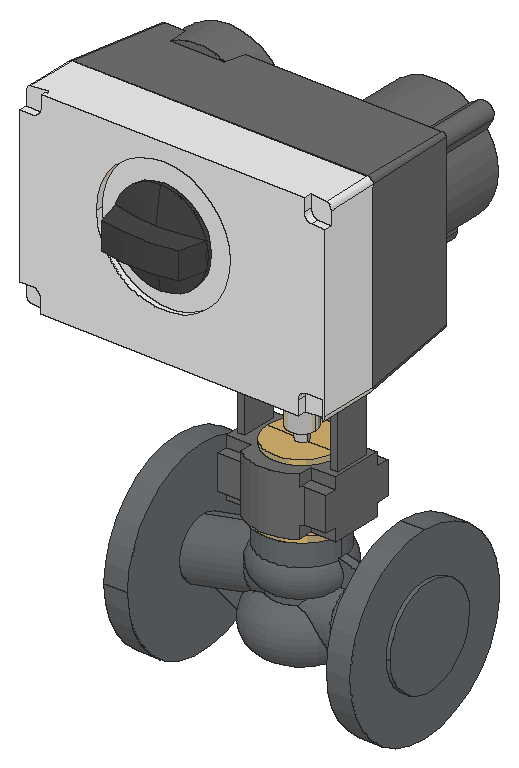
Revit family "VF2_DN15-DN100_AMV(E) 438 SU_RFA_1", category Pipe Accessories, Revit 2019
Family settings
  Round Connector Dimension = Use Diameter
  Part Type = Valve - Breaks Into
  OmniClass Number = 23.65.55.14.17
  OmniClass Title = Adjusting/Controlling Valves for Liquid Services
  Work Plane-Based = No
  Always vertical = Yes
  Cut with Voids When Loaded = No
  Shared = No
Parameters (values of type "VF2_DN15_Kv0.63_065Z0271")
  W = if(DN > 32 mm, D_Flange, 137.6 mm)  # 137.6 mm
  Voltage = if(Actuator Type = [082H0123], 230 V, 24 V)  # 24 V
  Power = if(Actuator Type = [082H0121], 14 VA, 12 VA)  # 14 VA
  Nominal Pressure = "PN 16"  # constant formula
  LE1_100 = 20 mm
  LE_100 = 10 mm
  L = L2 * 2  # 130 mm
  H2 = if(DN < 100 mm, D_Flange / 2, 197 mm)  # 47.5 mm
  H [instance] = 263 mm
  EXT200 = 38 mm
  DN15 to DN50 = if(and(DN > 10 mm, DN < 65 mm), 1 = 1, 1 = 0)  # yes
  D1 = DN * 2  # 30 mm
  L_Top = 3 mm
  V_SMALL LOD 200 = if(and(LOD 200, DN < 100 mm), 1 = 1, 1 = 0)  # no
  V2 = if(DN > 50 mm, 1 = 1, 1 = 0)  # no
  RB2 = 1 mm
  RB = 1 mm
  L_EXT = 80 mm
  L_100 = 25 mm
  HS_100 = 0 mm
  H_Revolve Bottom = 27 mm
  ang2D [instance] = 0.00°
  Weight = 1.93 kg
  W2 = 16 mm
  W1 = 17 mm
  Valve Body Material = Danfoss Grey Iron
  V_SMALL = if(and(LOD 350, DN < 100 mm), 1 = 1, 1 = 0)  # yes
  V_DN100 = if(and(LOD 350, DN > 80 mm), 1 = 1, 1 = 0)  # no
  Use Minimum Symbol Size [instance] = no
  URL = "https://store.danfoss.com/en/Climate-Solutions-for-heating/Motorised-Control-Valves-/Globe-Valves/Valves-for-Heating-and-Cooling/c/4105?q=%3Arelevance%3Adanfoss_a50461501115_fts%3ATA1_1501116%3Adanfoss_a1015338478.nominal%3A15.0%3Adanfoss_a1015338478.nominal%3A20.0%3Adanfoss_a1015338478.nominal%3A25.0%3Adanfoss_a1015338478.nominal%3A32.0%3Adanfoss_a1015338478.nominal%3A40.0%3Adanfoss_a1015338478.nominal%3A65.0%3Adanfoss_a1015338478.nominal%3A80.0%3Adanfoss_a1015338478.nominal%3A100.0%3Adanfoss_producttypehierarchydesc%3A5400cdf7baa9ad208c624ef817a9da6cf34051a9&page=0&pageSize=20"
  Stroke = "10 mm"
  R_Arc = 30 mm
  R_Top = 12.5 mm
  R_Flow Pipe = 15 mm
  R2_Revolve = 6 mm
  R1_Revolve = 9 mm
  RT3 = 12.5 mm
  RT2 = 15.5 mm
  RT1_1 = 16 mm
  RT1 = 20.5 mm
  Pressure Drop [instance] = 0.0 bar
  Offset Flow Pipe_1 = 7 mm
  Offset Flow Pipe_2 = 6.47 mm
  Model Type = "VF2_DN15_Kv0.63"
  Model = "065Z0271"
  Min Medium Temperature = "-10 °C"  # constant formula
  Max Medium Temperature = "130 °C"  # constant formula
  Manufacturer = "Danfoss"  # constant formula
  L_S = 48 mm
  LOD 350 = not(LOD 200)  # yes
  LOD 200 = no
  L2 = 65 mm
  Kvs = 0.63 m³/h
  IfcExportType = "VF2"  # constant formula
  IfcExportAs = "IfcValveType"  # constant formula
  H_Revolve Top = 23 mm
  H1 = 85 mm
  HE_100 = 3 mm
  HE1 = 54.5 mm
  HE = 0 mm
  HB2 = 1 mm
  HB1 = 25 mm
  HB = 20 mm
  HE2 = 31 mm
  Flow [instance] = 0.0 m³/h
  EXT2 = 20 mm
  D_Connection End = 50 mm
  D_Flange = 95 mm
  Extrusion Top 2 = 5 mm
  Extrusion Top = 22 mm
  Extrusion Bottom = 26 mm
  EXT1 = -50 mm
  Description = "Motorized Control Valve"  # constant formula
  DN = 15 mm
  D = DN  # 15 mm
  Connection = "Flange"  # constant formula
  Depth C__ve = -Depth C  # -2.5 mm
  Depth Flange_ve = -Depth_Flange  # -12 mm
  Depth_Flange = 12 mm
  Depth C = 2.5 mm
  Adapter assembly = 1.3 mm
  Arc_100 = 10 mm
  Adapter Type = Adapter_AMV(E)_RFA : Adapter_AMV(E) 15(25)(35)_DN15-50_065Z0311
  Actuator Type = AMV(E) 438 SU_RFA : AME 438 SU_24V_082H0121
  A_Flow Pipe = 166.00°
  A2_2 = 0.00°
  A2 = 30.00°
  A3 = 16.00°
  A1_Flow Pipe = 168.00°
  A1 = 19 mm
  082H0123 = AMV(E) 438 SU_RFA : AMV 438 SU_230V_082H0123
  082H0121 = AMV(E) 438 SU_RFA : AME 438 SU_24V_082H0121
Reference planes
  plane 1 "Center (Front/Back)": y = 0
  plane 2 "XYPLANE": z = 0
  plane 3 "Center (Left/Right)": x = 0
  plane 4 "108": x = -62.5
  plane 5 "107": x = 65
  plane 6 "106": x = -65
  plane 7 "105": y = 0
  plane 8 "104": z = 0
  plane 9 "103": x = 0
  plane 10 "101": z = 85
  plane 11 "1": x = 62.5
  plane 12 "X1": z = 31
  plane 13 "X2": z = 31
  plane 14 "3": z = 54.5
  plane 15: z = 81.5
  plane 16: z = 79.5
  plane 17: x = 3
  plane 18: z = -26
  plane 19: z = -7
  plane 20: z = 22
  plane 21 "y1": x = 17.5
  plane 22: z = 5
  plane 23: x = 48
  plane 24: x = -16
  plane 25: x = -17
  plane 26: x = 12.5
  plane 27: x = -12.5
  plane 28: x = -2.5
  plane 29: x = 2.5
  plane 30: y = -12.5
  plane 31: y = 12.5
  plane 32: y = 2.5
  plane 33: y = -2.5
  plane 34 "HB": z = -20
  plane 35: z = -25
  plane 36 "HB2": z = -26
  plane 37: x = -12.5
  plane 38: x = 12.5
  plane 39: y = 12.5
  plane 40: y = -12.5
  plane 41: x = 20
  plane 42: x = 10
  plane 43: y = -47.5
  plane 44: y = 47.5
  plane 45 "Assembly plane": z = 32.3
  plane 46: z = -47.5
Forms (mm)
  Extrusion 1, solid, material "Danfoss Grey Iron" <- "Valve Body Material", detail levels fine
    sketch origin (-65, -750, 0) x (0, 1, 0) y (0, 0, 1)
      loop
        circle (750, 0) r 25
    from 0 to 2.5 <- "Depth C"
  Extrusion 2, solid, material "Danfoss Grey Iron" <- "Valve Body Material", detail levels fine
    sketch origin (65, -750, 0) x (0, 1, 0) y (0, 0, 1)
      loop
        circle (750, 0) r 25
    from 0 to -2.5 <- "Depth C__ve"
  Extrusion 3, solid, material "Danfoss Grey Iron" <- "Valve Body Material", detail levels fine
    sketch origin (0, 0, 0) x (1, 0, 0) y (0, 1, 0)
      loop
        circle (0, 0) r 20.5
      loop
        circle (0, 0) r 16
    from 20 <- "EXT2" to 31 <- "HE2"
  Extrusion 4, solid, not visible
    sketch origin (65, -750, 0) x (0, 1, 0) y (0, 0, 1)
      loop
        circle (750, 0) r 10
    from 0 to -10
  Extrusion 5, solid, not visible
    sketch origin (-65, -750, 0) x (0, 1, 0) y (0, 0, 1)
      loop
        circle (750, 0) r 10
    from 0 to 10
  Extrusion 6, solid, material "Danfoss Grey Iron" <- "Valve Body Material", detail levels fine
    sketch origin (-62.5, -750, 0) x (0, 1, 0) y (0, 0, 1)
      loop
        circle (750, 0) r 47.5
    from 0 to 12 <- "Depth_Flange"
  Extrusion 7, solid, material "Danfoss Grey Iron" <- "Valve Body Material", detail levels fine
    sketch origin (62.5, 0, 0) x (0, 0, 1) y (0, -1, 0)
      loop
        circle (0, 0) r 47.5
    from 0 to -12 <- "Depth Flange_ve"
  Extrusion 8, solid, material "Danfoss Brass", detail levels fine
    sketch origin (0, 0, 31) x (-1, 0, 0) y (0, -1, 0)
      loop
        circle (0, 0) r 15.5
    from 0 to -9
  Extrusion 9, solid, material "Danfoss Grey Iron" <- "Valve Body Material", visible <- "LOD 350", detail levels fine
    sketch origin (0, 0, 0) x (1, 0, 0) y (0, 0, 1)
      loop
        line (-50.5, -7) -> (-17.591, -26) -> (0, -26) -> (0, 0) -> (-50.5, 0) -> (-50.5, -7)
    from -4 to 4
  Revolve 10, solid, material "Danfoss Grey Iron" <- "Valve Body Material", visible <- "V_SMALL LOD 200", detail levels fine
    sketch origin (0, 0, 0) x (1, 0, 0) y (0, 0, 1)
      loop
        line (0, 30) -> (0, -30)
        arc (0, -30) -> (21.213, -21.213) -> (30, 0) r 30
        arc (30, 0) -> (21.213, 21.213) -> (0, 30) r 30
      axis (0, 30) -> (0, -30)
    angle from 0 to 360
  Revolve 11, solid, material "Danfoss Stainless Steel AISI 304 / AISI 316L", detail levels fine
    sketch origin (0, 0, 0) x (1, 0, 0) y (0, 0, 1)
      loop
        line (0, 54.5) -> (3, 54.5) -> (3, 79.5) -> (2, 79.5) -> (2, 81.5) -> (3, 81.5) -> (3, 82.495) -> (1.246, 85) -> (0, 85) -> (0, 54.5)
      axis (0, 85) -> (0, 54.5)
    angle from 0 to 360
  Sweep 12, solid, material "Danfoss Grey Iron" <- "Valve Body Material", detail levels fine
    path origin (0, 0, 0) x (1, 0, 0) y (0, 0, 1)
      loop
        line (-65, 0) -> (-50.5, 0) -> (-17.568, 7) -> (0, 7)
    profile origin (-57.75, 0, 0) x (0, 0, 1) y (0, -1, 0)
      loop
        circle (0, 0) r 15
  Sweep 13, solid, material "Danfoss Grey Iron" <- "Valve Body Material", detail levels fine
    path origin (0, 0, 0) x (1, 0, 0) y (0, 0, 1)
      loop
        line (69.52, 0) -> (52.304, 0) -> (26.352, -6.47) -> (0, -6.47)
    profile origin (60.912, 0, 0) x (0, 0, -1) y (0, -1, 0)
      loop
        circle (0, 0) r 15
  Extrusion 14, solid, material "Danfoss Brass", detail levels fine
    sketch origin (0, 0, 31) x (-1, 0, 0) y (0, -1, 0)
      loop
        circle (0, 0) r 12.5
    from 0 to 23.5
  Extrusion 15, solid, material "Danfoss Grey Iron" <- "Valve Body Material", visible <- "LOD 350", detail levels fine
    sketch origin (0, 0, 0) x (1, 0, 0) y (0, 0, 1)
      loop
        line (17.5, 5) -> (50.5, 5) -> (50.5, 12.537) -> (17.5, 22) -> (17.5, 5)
    from -2.5 to 2.5
  Extrusion 16, void
    sketch origin (0, 0, 0) x (1, 0, 0) y (0, 0, 1)
      loop
        line (65, -40) -> (105, -40) -> (105, 22) -> (65, 22) -> (65, -40)
    from -48.024 to 48.024
  Revolve 17, solid, material "Danfoss Grey Iron" <- "Valve Body Material", visible <- "V_SMALL", detail levels fine
    sketch origin (0, 0, 0) x (1, 0, 0) y (0, 0, 1)
      loop
        line (0, -27) -> (0, 23) -> (-17, 23)
        arc (-17, 23) -> (-22.986, 12.847) -> (-16, 3.354) r 10.695
        line (-16, 3.354) -> (-16, 0)
        arc (-16, 0) -> (-25.99, -13.149) -> (-17, -27) r 14.357
        line (-17, -27) -> (0, -27)
      axis (0, 23) -> (0, -27)
    angle from 0 to 360
  Extrusion 18, solid, material "Danfoss Grey Iron" <- "Valve Body Material", visible <- "V_DN100", detail levels fine
    sketch origin (0, 0, 0) x (1, 0, 0) y (0, 1, 0)
      loop
        arc (-2.5, 12.5) -> (-9.571, 9.571) -> (-12.5, 2.5) r 10
        line (-12.5, 2.5) -> (-12.5, -2.5)
        arc (-12.5, -2.5) -> (-9.571, -9.571) -> (-2.5, -12.5) r 10
        line (-2.5, -12.5) -> (2.5, -12.5)
        arc (2.5, -12.5) -> (9.571, -9.571) -> (12.5, -2.5) r 10
        line (12.5, -2.5) -> (12.5, 2.5)
        arc (12.5, 2.5) -> (9.571, 9.571) -> (2.5, 12.5) r 10
        line (2.5, 12.5) -> (-2.5, 12.5)
    from 0 <- "HS_100" to 3 <- "HE_100"
  Extrusion 19, solid, material "Danfoss Grey Iron" <- "Valve Body Material", visible <- "V2", detail levels fine
    sketch origin (0, 0, -20) x (-1, 0, 0) y (0, -1, 0)
      loop
        circle (0, 0) r 1
    from 0 to -5
  Extrusion 20, solid, material "Danfoss Grey Iron" <- "Valve Body Material", visible <- "V2", detail levels fine
    sketch origin (0, 0, -26) x (-1, 0, 0) y (0, -1, 0)
      loop
        circle (0, 0) r 1
    from 0 to 1 <- "HB2"
  Extrusion 21, solid, material "Danfoss Grey Iron" <- "Valve Body Material", visible <- "LOD 200", detail levels fine
    sketch origin (0, 0, 0) x (1, 0, 0) y (0, 1, 0)
      loop
        line (12.5, 12.5) -> (-12.5, 12.5) -> (-12.5, -12.5) -> (12.5, -12.5) -> (12.5, 12.5)
    from 0 <- "HS_100" to 3 <- "HE_100"
  Extrusion 22, solid, material "Danfoss Grey Iron" <- "Valve Body Material", visible <- "V_DN100", detail levels fine
    sketch origin (0, 0, 0) x (1, 0, 0) y (0, 0, 1)
      loop
        line (0, 0) -> (0, -26) -> (10, -26) -> (20, -26) -> (20, 0) -> (0, 0)
    from -4 to 4
  Extrusion 23, solid, material "Danfoss Grey Iron" <- "Valve Body Material", detail levels fine
    sketch origin (0, 0, 31) x (-1, 0, 0) y (0, -1, 0)
      loop
        circle (0, 0) r 12.5
    from -9 to 0 <- "HE"
Cuts and joins
  Extrusion 16 cuts Extrusion 4
  Extrusion 16 cuts Extrusion 2
  Extrusion 16 cuts Sweep 13
  joined: Extrusion 2, Sweep 13
Lines and regions (mm)
  reference lines, not visible
    curve 1: circle (2, 2, 0) r 1 normal (0, 0, 1)
Dimensions and locks
  plane 1 "Center (Front/Back)" to curve 1 = 2 mm
  "Depth C": plane 6 "106" to plane 4 "108"
  "L2": plane 3 "Center (Left/Right)" to plane 5 "107"
  "L2": plane 3 "Center (Left/Right)" to plane 6 "106"
  locked: plane 1 "Center (Front/Back)" to plane 7 "105"
  locked: plane 2 "XYPLANE" to plane 8 "104"
  locked: plane 3 "Center (Left/Right)" to plane 9 "103"
  "Depth C": plane 11 "1" to plane 5 "107"
  "HE2": plane 12 "X1" to level
  "HE": plane 13 "X2" to plane 12 "X1"
  "H1": plane 10 "101" to level
  "HE1": plane 14 "3" to level
  plane 15 to plane 16 = 2 mm
  plane 10 "101" to plane 15 = 3.5 mm
  plane 17 to plane 9 "103" = 3 mm
  Revolve 11 sketch curve to Revolve 11 sketch curve = 1 mm  (x2)
  Revolve 11 sketch curve to Revolve 11 sketch curve = 0.995 mm
  "Offset Flow Pipe_1": Sweep 12 sketch curve to Sweep 12 sketch curve
  plane 5 "107" to plane 6 "106" = 130 mm
  "Extrusion Bottom": level to plane 18
  "A1": plane 19 to plane 18
  Extrusion 9 sketch curve to plane 18 = 0 mm
  Extrusion 9 sketch curve to plane 19 = 0 mm
  "Offset Flow Pipe_2": Extrusion 9 to Sweep 13 sketch curve
  Sweep 13 sketch curve to Sweep 13 sketch curve = 26.352 mm
  "Extrusion Top": plane 20 to level
  "Extrusion Top 2": plane 22 to level
  Extrusion 15 sketch curve to plane 20 = 0 mm
  Extrusion 16 sketch curve to plane 5 "107" = 40 mm
  "L_S": plane 23 to plane 3 "Center (Left/Right)"
  "W2": plane 3 "Center (Left/Right)" to plane 24
  Revolve 17 sketch curve to Revolve 17 sketch curve = 3.354 mm
  "R2_Revolve": plane 25 to Revolve 17 sketch curve
  "H_Revolve Bottom": level to Revolve 17 sketch curve
  "H_Revolve Top": Revolve 17 sketch curve to level
  "L_Top": plane 17 to plane 9 "103"
  "L_100": plane 27 to plane 26
  equal spacing: plane 27, plane 9 "103", plane 26
  "L_100": plane 30 to plane 31
  equal spacing: plane 30, plane 7 "105", plane 31
  "L_EXT": plane 21 "y1" to plane 4 "108"
  "Arc_100": plane 27 to plane 28
  "Arc_100": plane 29 to plane 26
  "Arc_100": plane 32 to plane 31
  "Arc_100": plane 30 to plane 33
  "R1_Revolve": plane 25 to Revolve 17 sketch curve
  "W1": plane 9 "103" to plane 25
  "HB": level to plane 34 "HB"
  "HB1": level to plane 35
  "HB2": plane 35 to plane 36 "HB2"
  "H": nested 2 to plane 46
  "L_100": plane 37 to plane 38
  "L_100": plane 40 to plane 39
  equal spacing: plane 40, plane 1 "Center (Front/Back)", plane 39
  equal spacing: plane 37, plane 3 "Center (Left/Right)", plane 38
  "LE1_100": plane 41 to plane 9 "103"
  "LE_100": plane 42 to plane 3 "Center (Left/Right)"
  equal spacing: plane 43, plane 1 "Center (Front/Back)", plane 44
  "D_Flange": plane 43 to plane 44
  "Adapter assembly": plane 45 "Assembly plane" to plane 13 "X2"
  locked: nested 2 to plane 45 "Assembly plane" at 3.2
  "H2": level to plane 46
  "D_Connection End": diameter of Extrusion 1 sketch curve
  "D_Connection End": diameter of Extrusion 2 sketch curve
  "RT1": radius of Extrusion 3 sketch curve
  "D_Flange": diameter of Extrusion 6 sketch curve
  "RT1_1": radius of Extrusion 3 sketch curve
  "RT2": radius of Extrusion 8 sketch curve
  "R_Arc": radius of Revolve 10 sketch curve  (x2)
  "D_Flange": diameter of Extrusion 7 sketch curve
  "R_Flow Pipe": radius of Sweep 12 sketch curve
  "R_Flow Pipe": radius of Sweep 13 sketch curve
  "R_Top": radius of Extrusion 14 sketch curve
  "Arc_100": radius of Extrusion 18 sketch curve  (x4)
  "RB": radius of Extrusion 19 sketch curve
  "RB2": radius of Extrusion 20 sketch curve
  "RT3": radius of Extrusion 23 sketch curve
  "A1_Flow Pipe": angle Sweep 12 sketch curve to level
  "A3": angle Extrusion 15 sketch curve to plane 20
  "A2": angle Extrusion 9 sketch curve to plane 18
  "A_Flow Pipe": angle Sweep 13 sketch curve to level
  "A2_2": angle plane 18 to Extrusion 22 sketch curve
  aligned and locked: level to plane 2 "XYPLANE"
  aligned and locked: Extrusion 1 sketch curve to plane 7 "105"
  aligned and locked: plane 8 "104" to Extrusion 1 sketch curve
  aligned and locked: Extrusion 2 sketch curve to plane 7 "105"
  aligned and locked: plane 8 "104" to Extrusion 2 sketch curve
  aligned and locked: plane 7 "105" to Extrusion 3 sketch curve
  aligned and locked: plane 9 "103" to Extrusion 3 sketch curve
  aligned and locked: Extrusion 4 sketch curve to plane 7 "105"
  aligned and locked: plane 8 "104" to Extrusion 4 sketch curve
  aligned and locked: Extrusion 5 sketch curve to plane 7 "105"
  aligned and locked: plane 8 "104" to Extrusion 5 sketch curve
  aligned and locked: plane 1 "Center (Front/Back)" to Extrusion 6 sketch curve
  aligned and locked: plane 1 "Center (Front/Back)" to Extrusion 7 sketch curve
  aligned and locked: Extrusion 6 to Extrusion 9 sketch curve
  aligned and locked: Extrusion 9 sketch curve to level
  aligned and locked: Revolve 10 sketch curve to plane 3 "Center (Left/Right)"
  aligned and locked: level to Revolve 10 sketch curve
  aligned and locked: Revolve 10 sketch curve to Revolve 10 sketch curve
  aligned and locked: Revolve 11 sketch curve to plane 14 "3"
  aligned and locked: Revolve 11 sketch curve to plane 9 "103"
  aligned and locked: Revolve 11 sketch curve to plane 17
  aligned and locked: Revolve 11 sketch curve to plane 16
  aligned and locked: Revolve 11 sketch curve to plane 10 "101"
  aligned and locked: plane 15 to Revolve 11 sketch curve
  aligned and locked: plane 14 "3" to Revolve 11 sketch curve
  aligned and locked: plane 10 "101" to Revolve 11 sketch curve
  aligned and locked: Sweep 12 sketch curve to plane 6 "106"
  aligned and locked: plane 1 "Center (Front/Back)" to Sweep 12 sketch curve
  aligned and locked: Sweep 12 sketch curve to plane 2 "XYPLANE"
  aligned and locked: Extrusion 6 to Sweep 12 sketch curve
  aligned and locked: plane 1 "Center (Front/Back)" to Sweep 13 sketch curve
  aligned and locked: plane 3 "Center (Left/Right)" to Sweep 12 sketch curve
  aligned and locked: plane 3 "Center (Left/Right)" to Sweep 13 sketch curve
  aligned and locked: plane 22 to Extrusion 15 sketch curve
  aligned and locked: plane 21 "y1" to Extrusion 15 sketch curve
  aligned and locked: Extrusion 7 to Extrusion 15 sketch curve
  aligned and locked: Extrusion 16 sketch curve to plane 5 "107"
  aligned and locked: Extrusion 9 sketch curve to plane 18
  aligned and locked: Extrusion 8 to plane 20
  aligned and locked: plane 25 to Revolve 17 sketch curve
  aligned and locked: Revolve 17 sketch curve to plane 24
  aligned and locked: plane 3 "Center (Left/Right)" to Revolve 17 sketch curve
  aligned and locked: Extrusion 3 to Revolve 17 sketch curve
  aligned and locked: Revolve 17 sketch curve to plane 9 "103"
  aligned and locked: level to Sweep 13 sketch curve
  aligned and locked: plane 31 to Extrusion 18 sketch curve
  aligned and locked: Extrusion 18 sketch curve to plane 30
  aligned and locked: plane 27 to Extrusion 18 sketch curve
  aligned and locked: plane 14 "3" to Extrusion 14
  aligned and locked: Extrusion 9 sketch curve to plane 3 "Center (Left/Right)"
  aligned and locked: plane 1 "Center (Front/Back)" to Extrusion 19 sketch curve
  aligned and locked: plane 3 "Center (Left/Right)" to Extrusion 19 sketch curve
  aligned and locked: Extrusion 19 to plane 35
  aligned and locked: plane 3 "Center (Left/Right)" to Extrusion 20 sketch curve
  aligned and locked: plane 1 "Center (Front/Back)" to Extrusion 20 sketch curve
  aligned and locked: plane 9 "103" to nested 1
  aligned and locked: Extrusion 21 sketch curve to plane 39
  aligned and locked: Extrusion 21 sketch curve to plane 37
  aligned and locked: Extrusion 21 sketch curve to plane 40
  aligned and locked: Extrusion 21 sketch curve to plane 38
  aligned and locked: Extrusion 22 sketch curve to plane 3 "Center (Left/Right)"
  aligned and locked: Extrusion 22 sketch curve to level
  aligned and locked: Extrusion 22 sketch curve to plane 18
  aligned and locked: Extrusion 22 sketch curve to plane 41
  aligned and locked: level to Extrusion 22 sketch curve
  aligned and locked: plane 42 to Extrusion 22 sketch curve
  aligned and locked: plane 1 "Center (Front/Back)" to Extrusion 23 sketch curve
  aligned and locked: plane 3 "Center (Left/Right)" to Extrusion 23 sketch curve
  aligned and locked: Extrusion 8 to Extrusion 23
  aligned and locked: plane 9 "103" to nested 2
  aligned and locked: nested 3 to plane 45 "Assembly plane"
Automatic sketch dimensions
  plane 1 "Center (Front/Back)" to Extrusion 4 sketch curve = 10 mm
  plane 1 "Center (Front/Back)" to Extrusion 5 sketch curve = 10 mm
  plane 3 "Center (Left/Right)" to curve 1 = 2 mm
  Extrusion 16 sketch curve to plane 20 = 0 mm
  Extrusion 16 sketch curve to plane 18 = 14 mm
  Extrusion 3 sketch curve to Extrusion 3 sketch curve = 0 mm  (x2)
  Extrusion 6 sketch curve to level = 0 mm
  Extrusion 7 sketch curve to level = 0 mm
  plane 1 "Center (Front/Back)" to Extrusion 8 sketch curve = 0 mm
  Extrusion 8 sketch curve to plane 3 "Center (Left/Right)" = 0 mm
  Revolve 10 sketch curve to plane 12 "X1" = 0 mm
  plane 18 to Revolve 10 sketch curve = 0.5 mm
  Revolve 11 sketch curve to plane 3 "Center (Left/Right)" = 0 mm
  plane 3 "Center (Left/Right)" to Revolve 11 sketch curve = 1.246 mm
  profile plane to Sweep 12 sketch curve = 0 mm
  plane 5 "107" to Sweep 13 sketch curve = 4.52 mm
  Sweep 13 sketch curve to profile plane = 0 mm
  plane 1 "Center (Front/Back)" to Extrusion 14 sketch curve = 0 mm
  Extrusion 14 sketch curve to plane 3 "Center (Left/Right)" = 0 mm
  Revolve 17 sketch curve to plane 25 = 0 mm
  Revolve 17 sketch curve to level = 0 mm
  plane 35 to Revolve 17 sketch curve = 0.043 mm
  Extrusion 18 sketch curve to plane 29 = 0 mm
  radius of curve 1 = 1 mm
Nested families
  nested 1: "Schematic_2-Way Valve_Flange" at (0, 0, 0), type "Schematic_2-Way Valve_Flange", detail levels coarse+medium
    with L_1 43.333 mm, L1 8.125 mm, L 130 mm, H 85 mm, D1 30 mm
  nested 2: "AMV(E) 438 SU_RFA" at (0, 0, 35.5), LOD 200 <- "LOD 200", type <- "Actuator Type", Voltage <- "Voltage", Power <- "Power", visible <- "DN15 to DN50", type "AME 438 SU_24V_082H0121", detail levels fine
    with Voltage 24 V, Power 14 VA, LOD 350 yes, LOD 200 no
  nested 3: "Adapter_AMV(E)_RFA" at (0, 0, 32.3), type <- "Adapter Type", visible <- "DN15 to DN50", type "Adapter_AMV(E) 15(25)(35)_DN15-50_065Z0311"
Connectors
  piping at (-65, 0, 0), diameter 15, driven by "DN", driven by "Flow"
    settings: on Extrusion 5, index 1, connector inside diameter 609.6 mm, connector length 0 mm, flow factor 0, pipe flow 0.0 m³/h, pressure drop 0.0 bar, fitting loss kfactor 0, connector angle 0.00°, fixture units 0, engagement length 0 mm, angle of deflection 0.00°, flow configuration 0, flow direction 0, fitting loss method 0, system type 29, joint type 0, gender type 0, connector reference index 2, connector utility 0, adjustable connector no, is connector primary yes, connector description ""
  piping at (65, 0, 0), diameter 15, driven by "D", driven by "Flow"
    settings: on Extrusion 4, index 2, connector inside diameter 609.6 mm, connector length 0 mm, flow factor 0, pipe flow 0.0 m³/h, pressure drop 0.0 bar, fitting loss kfactor 0, connector angle 0.00°, fixture units 0, engagement length 0 mm, angle of deflection 0.00°, flow configuration 0, flow direction 0, fitting loss method 0, system type 29, joint type 0, gender type 0, connector reference index 1, connector utility 0, adjustable connector no, is connector primary no, connector description ""
  electrical at (0, 0, 0), driven by "Voltage", driven by "Power"
    settings: index 21, voltage 24 V, apparent load 0 VA, apparent load phase1 14 VA, apparent load phase2 0 VA, apparent load phase3 0 VA, power factor 0.95, load classification "HVAC", number of poles 1, system type 31, power factor state 1, is connector primary yes, connector utility no, sub classification motor no, connector description ""
Definition of nested family "AMV(E) 438 SU_RFA"
  Parameters (values of type "AME 438 SU_24V_082H0121")
    Weight = 2.30 kg  # constant formula
    W [instance] = 137.6 mm
    Voltage [instance] = 24 V
    URL = "https://store.danfoss.com/en/Climate-Solutions-for-heating/Motorised-Control-Valves/Actuators-for-Globe-Valves/Actuators-With-Safety-Function/c/4110?q=%3Arelevance%3Adanfoss_producttypehierarchydesc%3AAME+438+SU%3Adanfoss_producttypehierarchydesc%3AAMV+438+SU&text="
    Speed = "15 s/mm"  # constant formula
    Safety Function = "Spring Up"  # constant formula
    Power Supply = "24 V"
    Power Consumption = "14 W"
    Power [instance] = 14 VA
    Output Signal = "0-10 V"
    Model Type = "AME 438 SU_24V"
    Model = "082H0121"
    Min Ambient Temperature = "0 °C"  # constant formula
    Max Stroke = 15 mm  # constant formula
    Max Medium Temperature = "150 °C"  # constant formula
    Max Ambient Temperature = "55 °C"  # constant formula
    Manufacturer = "Danfoss"  # constant formula
    LOD 350 [instance] = not(LOD 200)  # yes
    LOD 200 [instance] = no
    L [instance] = 155 mm
    IfcExportType = "AME 438 SU"
    IfcExportAs = "IfcActuatorType"  # constant formula
    H [instance] = 180 mm
    Description = "Gear Actuator"  # constant formula
    Control Input Signal = "0-10 V / 0-20 mA"
    Closing Force = "450 N"  # constant formula
    Body Material = none
  Types (4, lengths in mm): name | Voltage | Power Supply | Power Consumption | Power | Output Signal | Model Type | Model | IfcExportType | Control Input Signal
    (no name) | 24 V | "24 V" | "14 W" | 14 VA | "0-10 V" | "AME 438 SU_24V" | "082H0121" | "AME 438 SU" | "0-10 V / 0-20 mA"
    AMV 438 SU_24V_082H0122 | 24 V | "24 V" | "12 W" | 12 VA | "End-position feedback" | "AMV 438 SU_24V" | "082H0122" | "AMV 438 SU" | "3-point"
    AME 438 SU_24V_082H0121 | 24 V | "24 V" | "14 W" | 14 VA | "0-10 V" | "AME 438 SU_24V" | "082H0121" | "AME 438 SU" | "0-10 V / 0-20 mA"
    AMV 438 SU_230V_082H0123 | 230 V | "230 V" | "12 W" | 12 VA | "End-position feedback" | "AMV 438 SU_230V" | "082H0123" | "AMV 438 SU" | "3-point"
  Reference planes
    plane 1 "Center (Front/Back)": y = 0
    plane 2: z = 0
    plane 3 "Center (Left/Right)": x = 0
    plane 4: z = 180
    plane 5: x = 28
    plane 6 "1": x = -28
    plane 7: x = 51
    plane 8: x = -104
    plane 9: z = 74
    plane 10: z = 29.5
    plane 11: y = 71.5
    plane 12: y = -66.1
    plane 13: y = -54
    plane 14: y = 34
    plane 15: y = 23
    plane 16: y = -23
    plane 17: x = 22
    plane 18: x = -22
    plane 19: x = 46
    plane 20: x = -99
    plane 21: z = 79
    plane 22: z = 175
    plane 23: z = 176
    plane 24: z = 78
    plane 25: y = -49
    plane 26: z = 173.2
    plane 27: z = 80.8
    plane 28: z = 134.5
    plane 29 "2": x = -31
    plane 30: x = -97
    plane 31: x = 44
    plane 32: x = -71.6
    plane 33: x = 11
    plane 34: y = -18.5
  Forms (mm)
    Extrusion 1, solid, material <- "Body Material", visible <- "LOD 350", detail levels fine
      sketch origin (0, 0, 0) x (1, 0, 0) y (0, 1, 0)
        loop
          arc (-16.248, -19) -> (0, -25) -> (16.248, -19) r 25
          line (16.248, -19) -> (27.62, -19) -> (27.62, 20) -> (15, 20)
          arc (15, 20) -> (0, 25) -> (-15, 20) r 25
          line (-15, 20) -> (-27.62, 20) -> (-27.62, -19) -> (-16.248, -19)
      from 0 to 29.5
    Extrusion 2, solid, material <- "Body Material", visible <- "LOD 350", detail levels fine
      sketch origin (0, 0, 0) x (1, 0, 0) y (0, 0, 1)
        loop
          line (22, 66.67) -> (22, 29.5) -> (25.4, 29.5) -> (25.4, 66.67) -> (22, 66.67)
      from -9 to 9
    Extrusion 3, solid, material <- "Body Material", visible <- "LOD 350", detail levels fine
      sketch origin (0, 0, 0) x (-1, 0, 0) y (0, 0, -1)
        loop
          line (22, -66.67) -> (25.4, -66.67) -> (25.4, -29.5) -> (22, -29.5) -> (22, -66.67)
      from -9 to 9
    Blend 4, solid, visible <- "LOD 350", detail levels fine
      base sketch origin (0, 0, 0) x (1, 0, 0) y (0, 0, 1)
        loop
          line (51, 80.879) -> (51, 173.2)
          arc (51, 173.2) -> (50.295, 175.174) -> (48.5, 176.255) r 3.117
          arc (48.5, 176.255) -> (-26.5, 180.013) -> (-101.5, 176.255) r 750.263
          arc (-101.5, 176.255) -> (-103.295, 175.174) -> (-104, 173.2) r 3.117
          line (-104, 173.2) -> (-104, 80.8)
          arc (-104, 80.8) -> (-103.295, 78.826) -> (-101.5, 77.745) r 3.117
          arc (-101.5, 77.745) -> (-26.535, 73.991) -> (48.429, 77.738) r 751.077
          arc (48.429, 77.738) -> (50.275, 78.849) -> (51, 80.879) r 3.204
      top sketch origin (0, 0, 0) x (1, 0, 0) y (0, 0, 1)
        loop
          line (-104, 173.2) -> (-104, 80.8)
          arc (-104, 80.8) -> (-103.295, 78.826) -> (-101.5, 77.745) r 3.117
          arc (-101.5, 77.745) -> (-26.535, 73.991) -> (48.429, 77.738) r 751.077
          arc (48.429, 77.738) -> (50.275, 78.849) -> (51, 80.879) r 3.204
          line (51, 80.879) -> (51, 173.2)
          arc (51, 173.2) -> (50.295, 175.174) -> (48.5, 176.255) r 3.117
          arc (48.5, 176.255) -> (-26.5, 180.013) -> (-101.5, 176.255) r 750.263
          arc (-101.5, 176.255) -> (-103.295, 175.174) -> (-104, 173.2) r 3.117
      from 18.5 to 49
    Revolve 5, solid, visible <- "LOD 350", detail levels fine
      sketch origin (-31, 0, 0) x (0, 0, 1) y (0, -1, 0)
        loop
          line (158.578, 49) -> (158.578, 50.625) -> (140.681, 54) -> (134.5, 54) -> (134.5, 49) -> (158.578, 49)
        axis (134.5, 49) -> (134.5, 54)
      angle from 0 to 360
    Extrusion 6, solid, visible <- "LOD 350", detail levels fine
      sketch origin (0, 4.396, 0) x (1, 0, 0) y (0, 1, 0)
        loop
          arc (-50.517, -68.508) -> (-30.981, -70.634) -> (-11.456, -68.408) r 88.747
          line (-11.456, -68.408) -> (-7.869, -55.021)
          arc (-7.869, -55.021) -> (-31, -58.764) -> (-54.131, -55.021) r 73.346
          line (-54.131, -55.021) -> (-50.517, -68.508)
      from 127.697 to 141.4
    Extrusion 7, void
      sketch origin (0, 0, 0) x (1, 0, 0) y (0, 0, 1)
        loop
          circle (-31, 134.5) r 34.064
      from 46 to 49
    Extrusion 8, void
      sketch origin (0, 0, 0) x (1, 0, 0) y (0, 0, 1)
        loop
          line (-105.641, 75.49) -> (-93.5, 75.49) -> (-93.5, 84.02)
          arc (-93.5, 84.02) -> (-94.489, 86.765) -> (-97, 88.25) r 4.307
          line (-97, 88.25) -> (-105.641, 88.25) -> (-105.641, 75.49)
        loop
          line (49.641, 75.49) -> (49.641, 88.25) -> (41, 88.25)
          arc (41, 88.25) -> (38.489, 86.765) -> (37.5, 84.02) r 4.307
          line (37.5, 84.02) -> (37.5, 75.49) -> (49.641, 75.49)
        loop
          line (-105.328, 179.135) -> (-105.328, 166.375) -> (-96.687, 166.375)
          arc (-96.687, 166.375) -> (-94.176, 167.86) -> (-93.188, 170.605) r 4.307
          line (-93.188, 170.605) -> (-93.188, 179.135) -> (-105.328, 179.135)
        loop
          line (52.766, 179.135) -> (40.625, 179.135) -> (40.625, 170.605)
          arc (40.625, 170.605) -> (41.614, 167.86) -> (44.125, 166.375) r 4.307
          line (44.125, 166.375) -> (52.766, 166.375) -> (52.766, 179.135)
      from 45 to 49
    Extrusion 9, solid, material <- "Body Material", detail levels fine
      sketch origin (0, 0, 0) x (1, 0, 0) y (0, 0, 1)
        loop
          circle (-71.6, 146.308) r 29.997
      from -23 to -43
    Extrusion 10, solid, material <- "Body Material", visible <- "LOD 350", detail levels fine
      sketch origin (0, 0, 0) x (1, 0, 0) y (0, 0, 1)
        loop
          arc (27.837, 163.055) -> (-1.542, 165.346) -> (-19.807, 142.22) r 31.304
          line (-19.807, 142.22) -> (-28.53, 141.451)
          arc (-28.53, 141.451) -> (-31.852, 140.071) -> (-33.778, 137.033) r 5.971
          arc (-33.778, 137.033) -> (-32.981, 132.201) -> (-28.837, 129.59) r 5.971
          line (-28.837, 129.59) -> (-19.332, 128.925)
          arc (-19.332, 128.925) -> (-8.72, 112.353) -> (9.686, 105.389) r 31.304
          line (9.686, 105.389) -> (12.15, 100.104)
          arc (12.15, 100.104) -> (17.501, 97.376) -> (21.546, 101.816) r 4.951
          line (21.546, 101.816) -> (22.032, 107.369)
          arc (22.032, 107.369) -> (40.861, 127.273) -> (36.815, 154.371) r 31.304
          line (36.815, 154.371) -> (39.673, 159.323)
          arc (39.673, 159.323) -> (38.894, 165.242) -> (32.975, 166.021) r 4.904
          line (32.975, 166.021) -> (27.837, 163.055)
      from -71.5 to -34
    Extrusion 11, void
      sketch origin (0, 0, 0) x (1, 0, 0) y (0, 0, 1)
        loop
          line (-31, 6.656) -> (-31, 0) -> (-15, 0) -> (-15, 6.656) -> (-31, 6.656)
        loop
          line (-31, 29.5) -> (-31, 23.7) -> (-14.998, 23.7) -> (-14.998, 29.5) -> (-31, 29.5)
        loop
          line (31, 6.656) -> (15, 6.656) -> (15, 0) -> (31, 0) -> (31, 6.656)
        loop
          line (31, 29.5) -> (14.998, 29.5) -> (14.998, 23.7) -> (31, 23.7) -> (31, 29.5)
      from 13 to 23
    Extrusion 12, void
      sketch origin (0, 0, 20) x (1, 0, 0) y (0, 0, 1)
        loop
          line (-31, -13.344) -> (-31, -20) -> (-15, -20) -> (-15, -13.344) -> (-31, -13.344)
        loop
          line (-31, 9.5) -> (-31, 3.075) -> (-14.998, 3.075) -> (-14.998, 9.5) -> (-31, 9.5)
        loop
          line (31, -13.344) -> (15, -13.344) -> (15, -20) -> (31, -20) -> (31, -13.344)
        loop
          line (31, 9.5) -> (14.998, 9.5) -> (14.998, 3.075) -> (31, 3.075) -> (31, 9.5)
      from -23 to -13
    Blend 13, solid, material <- "Body Material", visible <- "LOD 350", detail levels fine
      base sketch origin (0, 0, 0) x (1, 0, 0) y (0, 0, 1)
        loop
          line (46, 84.457) -> (46, 169.923)
          arc (46, 169.923) -> (45.381, 171.333) -> (44, 172.016) r 2.252
          arc (44, 172.016) -> (-26.5, 175.001) -> (-97, 172.016) r 833.803
          arc (-97, 172.016) -> (-98.399, 171.314) -> (-99, 169.868) r 2.245
          line (-99, 169.868) -> (-99, 84.555)
          arc (-99, 84.555) -> (-98.521, 83.217) -> (-97.303, 82.487) r 2.109
          arc (-97.303, 82.487) -> (-26.456, 78.998) -> (44.391, 82.496) r 720.254
          arc (44.391, 82.496) -> (45.546, 83.189) -> (46, 84.457) r 2
      top sketch origin (0, 0, 0) x (1, 0, 0) y (0, 0, 1)
        loop
          line (-104, 173.2) -> (-104, 80.8)
          arc (-104, 80.8) -> (-103.295, 78.826) -> (-101.5, 77.745) r 3.117
          arc (-101.5, 77.745) -> (-26.535, 73.991) -> (48.429, 77.738) r 751.077
          arc (48.429, 77.738) -> (50.275, 78.849) -> (51, 80.879) r 3.204
          line (51, 80.879) -> (51, 173.2)
          arc (51, 173.2) -> (50.295, 175.174) -> (48.5, 176.255) r 3.117
          arc (48.5, 176.255) -> (-26.5, 180.013) -> (-101.5, 176.255) r 750.263
          arc (-101.5, 176.255) -> (-103.295, 175.174) -> (-104, 173.2) r 3.117
      from -34 to 18.5
    Extrusion 14, solid, material <- "Body Material", visible <- "LOD 200", detail levels fine
      sketch origin (0, 0, 0) x (0, 1, 0) y (0, 0, 1)
        loop
          line (-18.5, 180) -> (-18.5, 74) -> (34, 74) -> (34, 180) -> (-18.5, 180)
      from -104 to 51
    Extrusion 15, solid, material <- "Body Material", visible <- "LOD 200", detail levels fine
      sketch origin (0, 0, 0) x (1, 0, 0) y (0, 1, 0)
        loop
          line (28, 23) -> (-28, 23) -> (-28, -23) -> (28, -23) -> (28, 23)
      from 0 to 29.5
    Extrusion 16, solid, visible <- "LOD 200", detail levels fine
      sketch origin (0, 0, 0) x (1, 0, 0) y (0, 0, 1)
        loop
          line (-104, 180) -> (-104, 74) -> (51, 74) -> (51, 180) -> (-104, 180)
      from 18.5 to 49
    Extrusion 17, solid, material <- "Body Material", visible <- "LOD 200", detail levels fine
      sketch origin (0, 0, 0) x (1, 0, 0) y (0, 0, 1)
        loop
          circle (11, 136.665) r 31.304
      from -71.5 to -34
    Extrusion 18, solid, material <- "Body Material", visible <- "LOD 200", detail levels fine
      sketch origin (0, 0, 0) x (1, 0, 0) y (0, 0, 1)
        loop
          line (-22, 74) -> (-25.625, 74) -> (-25.625, 29.5) -> (-22, 29.5) -> (-22, 74)
        loop
          line (22, 74) -> (22, 29.5) -> (25.625, 29.5) -> (25.625, 74) -> (22, 74)
      from -9.158 to 8.842
    Extrusion 19, solid, material <- "Body Material", visible <- "LOD 350", detail levels fine
      sketch origin (0, 0, 0) x (1, 0, 0) y (0, 1, 0)
        loop
          arc (-34.009, -3.471) -> (-33.748, -4.299) -> (-33.059, -4.828) r 1.445
          line (-33.059, -4.828) -> (-6.897, -15.933)
          arc (-6.897, -15.933) -> (-0.134, -17.309) -> (6.63, -15.933) r 17.31
          line (6.63, -15.933) -> (33.124, -4.803)
          arc (33.124, -4.803) -> (33.768, -4.27) -> (34.009, -3.471) r 1.445
          line (34.009, -3.471) -> (34.009, 3.471)
          arc (34.009, 3.471) -> (33.766, 4.277) -> (33.116, 4.814) r 1.457
          line (33.116, 4.814) -> (6.343, 16.053)
          arc (6.343, 16.053) -> (-0.134, 17.371) -> (-6.61, 16.053) r 16.576
          line (-6.61, 16.053) -> (-32.954, 4.871)
          arc (-32.954, 4.871) -> (-33.716, 4.347) -> (-34.009, 3.471) r 1.457
          line (-34.009, 3.471) -> (-34.009, -3.471)
      from 66.67 to 79
    Revolve 20, solid, material <- "Body Material", visible <- "LOD 350", detail levels fine
      sketch origin (0, 0, 0) x (1, 0, 0) y (0, 0, 1)
        loop
          line (0, 79) -> (0, 49.15) -> (4, 49.15) -> (4, 55.05) -> (1.999, 55.05) -> (1.999, 57.174) -> (8, 57.174) -> (8, 79) -> (0, 79)
        axis (0, 79) -> (0, 49.15)
      angle from 0 to 360
    Extrusion 21, solid, visible <- "LOD 200", detail levels fine
      sketch origin (0, 0, 0) x (1, 0, 0) y (0, 0, 1)
        loop
          circle (-31, 134.5) r 23.96
      from 49 to 66.1
  Cuts and joins
    Extrusion 7, Extrusion 8 cuts Blend 4
    Extrusion 11, Extrusion 12 cuts Extrusion 1
  Dimensions and locks
    locked: plane 5 to plane 6 "1" at 56
    equal spacing: plane 5, plane 3 "Center (Left/Right)", plane 6 "1"
    locked: plane 4 to plane 9 at 106
    locked: plane 11 to plane 1 "Center (Front/Back)" at 71.5
    locked: plane 1 "Center (Front/Back)" to plane 13 at 54
    locked: plane 14 to plane 13 at 88
    locked: plane 18 to plane 6 "1" at 6
    locked: plane 5 to plane 17 at 6
    plane 19 to plane 20 = 145 mm
    locked: plane 4 to plane 28 at 45.5
    locked: plane 3 "Center (Left/Right)" to plane 29 "2" at 31
    Extrusion 11 sketch curve to Extrusion 11 sketch curve to Extrusion 11 sketch curve = 16.002 mm, 0 mm
    Extrusion 11 sketch curve to Extrusion 11 sketch curve to Extrusion 11 sketch curve = 16 mm, 30 mm
    Extrusion 11 sketch curve to Extrusion 11 sketch curve = 29.996 mm
    Extrusion 11 sketch curve to Extrusion 11 sketch curve = 16.002 mm
    equal spacing: Extrusion 11 sketch curve, Extrusion 11 sketch curve, Extrusion 11 sketch curve
    Extrusion 12 sketch curve to Extrusion 12 sketch curve to Extrusion 12 sketch curve = 16.002 mm, 0 mm
    Extrusion 12 sketch curve to Extrusion 12 sketch curve to Extrusion 12 sketch curve = 16 mm, 30 mm
    Extrusion 12 sketch curve to Extrusion 12 sketch curve = 29.996 mm
    Extrusion 12 sketch curve to Extrusion 12 sketch curve = 16.002 mm
    equal spacing: Extrusion 12 sketch curve, Extrusion 12 sketch curve, Extrusion 12 sketch curve
    locked: plane 1 "Center (Front/Back)" to plane 34 at 18.5
    locked: Extrusion 3 to plane 10 at 37.17
    "L": plane 7 to plane 8
    "H": plane 4 to level
    "W": plane 11 to plane 12
    radius of Extrusion 1 sketch curve = 25 mm  (x2)
    radius of Extrusion 7 sketch curve = 34.064 mm
    radius of Extrusion 9 sketch curve = 29.997 mm
    radius of Extrusion 10 sketch curve = 31.304 mm  (x2)
    radius of Extrusion 10 sketch curve = 4.904 mm
    radius of Extrusion 10 sketch curve = 4.951 mm
    radius of Extrusion 10 sketch curve = 5.971 mm  (x2)
    radius of Blend 13 sketch curve = 2 mm
    radius of Blend 13 sketch curve = 2.109 mm
    radius of Blend 13 sketch curve = 2.252 mm
    radius of Blend 13 sketch curve = 2.245 mm
    radius of Extrusion 17 sketch curve = 31.304 mm
    radius of Extrusion 21 sketch curve = 23.96 mm
    aligned and locked: level to plane 2
    aligned and locked: plane 3 "Center (Left/Right)" to Extrusion 1 sketch curve
    aligned and locked: plane 1 "Center (Front/Back)" to Extrusion 1 sketch curve
    aligned and locked: plane 10 to Extrusion 1
    aligned and locked: Extrusion 2 sketch curve to plane 17
    aligned and locked: Extrusion 2 sketch curve to plane 10
    aligned and locked: Extrusion 3 sketch curve to plane 18
    aligned and locked: Blend 4 sketch curve to plane 8
    aligned and locked: Blend 4 sketch curve to plane 7
    aligned and locked: plane 25 to Blend 4
    aligned and locked: plane 25 to Revolve 5 sketch curve
    aligned and locked: plane 28 to Revolve 5 sketch curve
    aligned and locked: plane 13 to Revolve 5 sketch curve
    aligned and locked: Revolve 5 sketch curve to plane 28
    aligned and locked: Extrusion 6 to Revolve 5
    aligned and locked: plane 29 "2" to Extrusion 7 sketch curve
    aligned and locked: plane 28 to Extrusion 7 sketch curve
    aligned and locked: plane 25 to Extrusion 8
    aligned and locked: Blend 4 to Extrusion 7
    aligned and locked: plane 32 to Extrusion 9 sketch curve
    aligned and locked: plane 33 to Extrusion 10 sketch curve
    aligned and locked: plane 14 to Extrusion 10
    aligned and locked: Extrusion 10 to plane 11
    aligned and locked: plane 15 to Extrusion 9
    aligned and locked: plane 16 to Extrusion 11
    aligned and locked: plane 10 to Extrusion 11 sketch curve
    aligned and locked: Extrusion 11 sketch curve to plane 10
    aligned and locked: Extrusion 12 sketch curve to level
    aligned and locked: level to Extrusion 12 sketch curve
    aligned and locked: plane 10 to Extrusion 12 sketch curve
    aligned and locked: Extrusion 12 sketch curve to plane 10
    aligned and locked: Extrusion 12 to plane 15
    aligned and locked: cut or joined group of Blend 4, Extrusion 7, Extrusion 8 to plane 34
    aligned and locked: Blend 4 sketch curve to var sketch  (x6)
    aligned and locked: plane 19 to Blend 13 sketch curve
    aligned and locked: plane 20 to Blend 13 sketch curve
    aligned and locked: Blend 13 sketch curve to cut or joined group of Blend 4, Extrusion 7, Extrusion 8  (x6)
    aligned and locked: plane 34 to Blend 13
    aligned and locked: Blend 13 to plane 14
    aligned and locked: plane 14 to Extrusion 14 sketch curve
    aligned and locked: plane 4 to Extrusion 14 sketch curve
    aligned and locked: plane 9 to Extrusion 14 sketch curve
    aligned and locked: Extrusion 15 sketch curve to plane 15
    aligned and locked: Extrusion 15 sketch curve to plane 6 "1"
    aligned and locked: Extrusion 15 sketch curve to plane 16
    aligned and locked: Extrusion 15 sketch curve to plane 5
    aligned and locked: plane 10 to Extrusion 15
    aligned and locked: plane 34 to Extrusion 14
    aligned and locked: Extrusion 16 sketch curve to plane 4
    aligned and locked: Extrusion 16 sketch curve to plane 7
    aligned and locked: Extrusion 16 sketch curve to plane 9
    aligned and locked: Extrusion 16 sketch curve to plane 8
    aligned and locked: Extrusion 16 to plane 34
    aligned and locked: plane 25 to Extrusion 16
    aligned and locked: Extrusion 17 sketch curve to Extrusion 10
    aligned and locked: plane 14 to Extrusion 17
    aligned and locked: Extrusion 17 to plane 11
    aligned and locked: Extrusion 18 sketch curve to plane 18
    aligned and locked: Extrusion 18 sketch curve to plane 17
    aligned and locked: Extrusion 18 sketch curve to plane 10  (x2)
    aligned and locked: Extrusion 18 sketch curve to plane 9  (x2)
    aligned and locked: plane 21 to Extrusion 19
    aligned and locked: Revolve 20 sketch curve to plane 3 "Center (Left/Right)"  (x2)
    aligned and locked: Revolve 20 sketch curve to plane 21
    aligned and locked: plane 12 to Extrusion 21
    aligned and locked: Extrusion 21 to plane 25
  Automatic sketch dimensions
    Extrusion 1 sketch curve to Extrusion 1 sketch curve = 0 mm  (x2)
    plane 15 to Extrusion 1 sketch curve = 3 mm  (x2)
    Extrusion 1 sketch curve to plane 16 = 4 mm  (x2)
    plane 6 "1" to Extrusion 1 sketch curve = 0.38 mm
    Extrusion 1 sketch curve to plane 5 = 0.38 mm
    Blend 4 sketch curve to plane 27 = 0 mm
    Blend 4 sketch curve to plane 26 = 0 mm  (x2)
    Blend 4 sketch curve to plane 20 = 1.883 mm  (x2)
    plane 6 "1" to Blend 4 sketch curve = 1.5 mm  (x2)
    plane 27 to Blend 4 sketch curve = 0.079 mm
    Blend 4 sketch curve to Blend 4 sketch curve = 3.204 mm
    Blend 4 sketch curve to Blend 4 sketch curve = 3.117 mm
    Blend 4 sketch curve to level = 570.25 mm
    plane 4 to Blend 4 sketch curve = 645.068 mm
    plane 23 to Blend 4 sketch curve = 0.255 mm
    Blend 4 sketch curve to plane 24 = 0.255 mm
    plane 28 to Revolve 5 sketch curve = 6.181 mm
    plane 25 to Revolve 5 sketch curve = 1.625 mm
    Revolve 5 sketch curve to plane 22 = 16.422 mm
    Revolve 5 sketch curve to plane 25 = 5 mm
    plane 12 to Revolve 5 sketch curve = 11.577 mm
    Extrusion 6 sketch curve to plane 29 "2" = 0 mm
    Extrusion 6 sketch curve to plane 29 "2" = 0.209 mm
    Extrusion 6 sketch curve to plane 12 = 1.988 mm
    Extrusion 6 sketch curve to plane 29 "2" = 19.517 mm
    plane 25 to Extrusion 6 sketch curve = 1.625 mm  (x2)
    Extrusion 6 sketch curve to Extrusion 6 sketch curve = 3.614 mm
    Extrusion 6 sketch curve to plane 12 = 2.088 mm
    Extrusion 6 sketch curve to plane 3 "Center (Left/Right)" = 11.456 mm
    Extrusion 6 sketch curve to Extrusion 6 sketch curve = 3.53 mm
    Extrusion 8 sketch curve to plane 30 = 0 mm
    Extrusion 8 sketch curve to plane 30 = 0.494 mm
    Extrusion 8 sketch curve to plane 30 = 0.807 mm
    Extrusion 8 sketch curve to plane 8 = 1.328 mm
    Extrusion 8 sketch curve to plane 8 = 1.641 mm
    plane 30 to Extrusion 8 sketch curve = 0.313 mm
    plane 9 to Extrusion 8 sketch curve = 1.49 mm  (x2)
    plane 30 to Extrusion 8 sketch curve = 3.5 mm
    Extrusion 8 sketch curve to plane 4 = 0.865 mm  (x2)
    plane 30 to Extrusion 8 sketch curve = 3.812 mm
    Extrusion 8 sketch curve to plane 31 = 6.5 mm
    Extrusion 8 sketch curve to plane 31 = 3.375 mm
    Extrusion 8 sketch curve to plane 31 = 3 mm
    Extrusion 8 sketch curve to plane 31 = 2.193 mm
    plane 31 to Extrusion 8 sketch curve = 0.125 mm
    plane 31 to Extrusion 8 sketch curve = 0.932 mm
    Extrusion 8 sketch curve to plane 7 = 1.359 mm
    plane 7 to Extrusion 8 sketch curve = 1.766 mm
    plane 21 to Extrusion 8 sketch curve = 5.02 mm  (x2)
    Extrusion 8 sketch curve to plane 22 = 8.625 mm  (x2)
    plane 28 to Extrusion 9 sketch curve = 11.808 mm
    Extrusion 10 sketch curve to Extrusion 10 sketch curve = 0 mm  (x7)
    Extrusion 10 sketch curve to plane 33 = 1.314 mm
    plane 18 to Extrusion 10 sketch curve = 2.668 mm
    plane 18 to Extrusion 10 sketch curve = 2.193 mm
    Extrusion 10 sketch curve to plane 6 "1" = 0.006 mm
    Extrusion 10 sketch curve to plane 6 "1" = 0.53 mm
    Extrusion 10 sketch curve to plane 6 "1" = 0.837 mm
    plane 33 to Extrusion 10 sketch curve = 1.15 mm
    Extrusion 10 sketch curve to Extrusion 10 sketch curve = 4.463 mm
    Extrusion 10 sketch curve to plane 17 = 0.454 mm
    plane 17 to Extrusion 10 sketch curve = 0.032 mm
    Extrusion 10 sketch curve to plane 5 = 0.163 mm
    plane 5 to Extrusion 10 sketch curve = 4.975 mm
    Extrusion 10 sketch curve to Extrusion 10 sketch curve = 2.452 mm
    Extrusion 10 sketch curve to plane 31 = 7.185 mm
    Extrusion 10 sketch curve to plane 31 = 4.327 mm
    plane 21 to Extrusion 10 sketch curve = 21.104 mm
    Extrusion 10 sketch curve to Extrusion 10 sketch curve = 5.284 mm
    Extrusion 10 sketch curve to Extrusion 10 sketch curve = 5.553 mm
    Extrusion 10 sketch curve to plane 28 = 4.91 mm
    Extrusion 10 sketch curve to Extrusion 10 sketch curve = 4.951 mm
    plane 28 to Extrusion 10 sketch curve = 2.533 mm
    Extrusion 11 sketch curve to plane 29 "2" = 0 mm
    Extrusion 11 sketch curve to level = 0 mm  (x2)
    plane 5 to Extrusion 11 sketch curve = 3 mm
    level to Extrusion 11 sketch curve = 6.656 mm  (x2)
    Extrusion 11 sketch curve to Extrusion 11 sketch curve = 5.8 mm  (x2)
    Extrusion 12 sketch curve to plane 29 "2" = 0 mm
    plane 5 to Extrusion 12 sketch curve = 3 mm
    Extrusion 12 sketch curve to plane 10 = 22.844 mm  (x2)
    Extrusion 12 sketch curve to Extrusion 12 sketch curve = 6.425 mm  (x2)
    Blend 13 sketch curve to plane 30 = 0 mm
    Blend 13 sketch curve to plane 31 = 0 mm
    plane 6 "1" to Blend 13 sketch curve = 1.5 mm  (x2)
    Blend 13 sketch curve to plane 31 = 0.247 mm
    plane 21 to Blend 13 sketch curve = 5.457 mm
    level to Blend 13 sketch curve = 84.555 mm
    Blend 13 sketch curve to plane 22 = 5.222 mm
    Blend 13 sketch curve to Blend 13 sketch curve = 0.085 mm
    plane 4 to Blend 13 sketch curve = 619.252 mm
    Blend 13 sketch curve to plane 30 = 0.303 mm
    Blend 13 sketch curve to level = 658.801 mm
    Extrusion 14 sketch curve to plane 25 = 30.5 mm
    Extrusion 18 sketch curve to Extrusion 18 sketch curve = 3.625 mm  (x2)
    Extrusion 3 sketch curve to plane 10 = 0 mm
    Extrusion 3 sketch curve to plane 6 "1" = 2.6 mm
    plane 9 to Extrusion 3 sketch curve = 7.33 mm
    Extrusion 2 sketch curve to plane 5 = 2.6 mm
    Extrusion 2 sketch curve to plane 9 = 7.33 mm
    Extrusion 19 sketch curve to plane 29 "2" = 3.009 mm
    Extrusion 19 sketch curve to Extrusion 19 sketch curve = 0.951 mm
    Extrusion 19 sketch curve to Extrusion 19 sketch curve = 1.055 mm
    Extrusion 19 sketch curve to Extrusion 19 sketch curve = 1.445 mm
    Extrusion 19 sketch curve to Extrusion 19 sketch curve = 0.402 mm
    Extrusion 19 sketch curve to plane 3 "Center (Left/Right)" = 6.897 mm
    Extrusion 19 sketch curve to plane 3 "Center (Left/Right)" = 6.61 mm
    Extrusion 19 sketch curve to plane 1 "Center (Front/Back)" = 0.001 mm
    Extrusion 19 sketch curve to plane 3 "Center (Left/Right)" = 0.134 mm  (x2)
    Extrusion 19 sketch curve to plane 33 = 4.657 mm
    Extrusion 19 sketch curve to plane 33 = 4.37 mm
    plane 5 to Extrusion 19 sketch curve = 4.552 mm
    plane 5 to Extrusion 19 sketch curve = 4.564 mm
    Extrusion 19 sketch curve to Extrusion 19 sketch curve = 0.564 mm
    Extrusion 19 sketch curve to Extrusion 19 sketch curve = 1.457 mm
    plane 1 "Center (Front/Back)" to Extrusion 19 sketch curve = 3.471 mm  (x2)
    Extrusion 19 sketch curve to plane 34 = 2.567 mm
    Extrusion 19 sketch curve to Extrusion 19 sketch curve = 0.794 mm
    Extrusion 19 sketch curve to plane 1 "Center (Front/Back)" = 3.471 mm  (x2)
    plane 15 to Extrusion 19 sketch curve = 6.947 mm
    Extrusion 19 sketch curve to Extrusion 19 sketch curve = 0.56 mm
    plane 3 "Center (Left/Right)" to Revolve 20 sketch curve = 1.999 mm
    Revolve 20 sketch curve to Revolve 20 sketch curve = 2.001 mm
    Revolve 20 sketch curve to plane 33 = 3 mm
    Revolve 20 sketch curve to plane 9 = 16.826 mm
    Revolve 20 sketch curve to Revolve 20 sketch curve = 2.124 mm
    Revolve 20 sketch curve to Revolve 20 sketch curve = 5.9 mm
    plane 10 to Revolve 20 sketch curve = 6.895 mm
    plane 21 to Revolve 20 sketch curve = 3.665 mm
    Extrusion 21 sketch curve to plane 28 = 0 mm
    Extrusion 21 sketch curve to plane 29 "2" = 0 mm
Definition of nested family "Adapter_AMV(E)_RFA"
  Parameters (values of type "Adapter_AMV(E) 55(56)_DN65-80_065Z0312")
    W = 45 mm
    URL = "https://store.danfoss.com/en/Climate-Solutions-for-heating/Motorised-Control-Valves/Actuators-for-Globe-Valves/Accessories-for-actuators/AdapAMx55-56-y23-VRB-G%2CVF-L2009dn65-80/p/065Z0312"
    Model Type = "Adapter_AMV(E) 55(56)_DN65-80"
    Model = "065Z0312"
    Manufacturer = "Danfoss"  # constant formula
    L = 45 mm
    IfcExportType = "Adapter"  # constant formula
    IfcExportAs = "IfcValveType"  # constant formula
    H2 = 33 mm
    H1 = 39 mm
    H = 74 mm
    Description = "Adapter"  # constant formula
  Types (3, lengths in mm): name | URL | Model Type | Model | H2 | H1 | H
    Adapter_AMV(E) 25_DN40-100_003Z0694 | "https://store.danfoss.com/en/Climate-Solutions-for-heating/Hydronic-Balancing-and-Control/Pressure-independent-balancing-and-control/Pressure-Independent-Control-Valves-%28PICV%29/AB-QM-Accessories/Adapter-AMV-E-25-DN-40---100/p/003Z0694" | "Adapter_AMV(E) 25_DN40-100" | "003Z0694" | 28 | 20 | 54.7
    Adapter_AMV(E) 15(25)(35)_DN15-50_065Z0311 | "https://store.danfoss.com/en/Climate-Solutions-for-heating/Motorised-Control-Valves/Actuators-for-Globe-Valves/Accessories-for-actuators/AdapAMx15-16-25-35-VRB-G%2CVF-L2009dn15-50/p/065Z0311" | "Adapter_AMV(E) 15(25)(35)_DN15-50" | "065Z0311" | 28 | 34 | 69
    Adapter_AMV(E) 55(56)_DN65-80_065Z0312 | "https://store.danfoss.com/en/Climate-Solutions-for-heating/Motorised-Control-Valves/Actuators-for-Globe-Valves/Accessories-for-actuators/AdapAMx55-56-y23-VRB-G%2CVF-L2009dn65-80/p/065Z0312" | "Adapter_AMV(E) 55(56)_DN65-80" | "065Z0312" | 33 | 39 | 74
  Reference planes
    plane 1 "Center (Front/Back)": y = 0
    plane 2: z = 0
    plane 3 "Center (Left/Right)": x = 0
    plane 4: z = 74
    plane 5: x = -22.5
    plane 6: x = 22.5
    plane 7: z = 35
    plane 8: z = 41
  Forms (mm)
    Revolve 1, solid
      sketch origin (0, 0, 0) x (1, 0, 0) y (0, 0, 1)
        loop
          line (0, 35) -> (-17.5, 35) -> (-17.5, 29.696) -> (-14.5, 18.2) -> (-17.5, 18.2) -> (-17.5, 3.2) -> (-22.5, 3.2) -> (-22.5, 0) -> (0, 0) -> (0, 35)
        axis (0, 35) -> (0, 0)
      angle from 0 to 360
    Revolve 2, solid
      sketch origin (0, 0, 0) x (1, 0, 0) y (0, 0, 1)
        loop
          line (0, 74) -> (-3, 74) -> (-3, 72) -> (-2, 72) -> (-2, 68) -> (-4, 65.144) -> (-4, 55.5) -> (-7, 55.5) -> (-7, 41) -> (0, 41) -> (0, 74)
        axis (0, 74) -> (0, 41)
      angle from 0 to 360
  Dimensions and locks
    equal spacing: plane 6, plane 3 "Center (Left/Right)", plane 5
    "L": plane 6 to plane 5
    "H": plane 4 to plane 2
    plane 3 "Center (Left/Right)" to Revolve 1 sketch curve = 17.5 mm
    Revolve 1 sketch curve to Revolve 1 sketch curve = 3.2 mm
    "H1": plane 4 to plane 7
    "H2": plane 4 to plane 8
    locked: Revolve 2 sketch curve to plane 8 at 14.5
    aligned and locked: level to plane 2
    aligned and locked: Revolve 1 sketch curve to plane 3 "Center (Left/Right)"
    aligned and locked: Revolve 1 sketch curve to plane 5
    aligned and locked: Revolve 1 sketch curve to plane 2
    aligned and locked: Revolve 1 sketch curve to Revolve 1 sketch curve
    aligned and locked: Revolve 2 sketch curve to plane 3 "Center (Left/Right)"
    aligned and locked: Revolve 2 sketch curve to plane 4
    aligned and locked: Revolve 2 sketch curve to Revolve 2 sketch curve
    aligned and locked: Revolve 1 sketch curve to plane 7
    aligned and locked: Revolve 2 sketch curve to plane 8
  Automatic sketch dimensions
    Revolve 1 sketch curve to level = 0 mm
    plane 5 to Revolve 1 sketch curve = 5 mm
    Revolve 1 sketch curve to Revolve 1 sketch curve = 3 mm
    Revolve 1 sketch curve to Revolve 1 sketch curve = 15 mm
    Revolve 1 sketch curve to Revolve 1 sketch curve = 5.304 mm
    Revolve 2 sketch curve to plane 4 = 0 mm
    Revolve 2 sketch curve to plane 3 "Center (Left/Right)" = 2 mm
    Revolve 2 sketch curve to Revolve 2 sketch curve = 1 mm
    Revolve 2 sketch curve to plane 3 "Center (Left/Right)" = 4 mm
    Revolve 2 sketch curve to Revolve 2 sketch curve = 7 mm
    Revolve 2 sketch curve to Revolve 2 sketch curve = 2.856 mm
    Revolve 2 sketch curve to plane 4 = 2 mm
    Revolve 2 sketch curve to Revolve 2 sketch curve = 4 mm
    Revolve 1 sketch curve to plane 7 = 0 mm
    plane 7 to Revolve 2 sketch curve = 2 mm
Definition of nested family "Schematic_2-Way Valve_Flange"
  Parameters (values of type "Schematic_2-Way Valve_Flange")
    L_1 = L / 3  # 120 mm
    L1 = L / 16  # 22.5 mm
    L = 360 mm
    H = 141 mm
    D1 = 100 mm
  Reference planes
    plane 1 "Center (Front/Back)": y = 0
    plane 2: z = 0
    plane 3 "Center (Left/Right)": x = 0
    plane 4: z = 50
    plane 5: z = -50
    plane 6: x = 180
    plane 7: x = -180
    plane 8: x = -157.5
    plane 9: x = 157.5
    plane 10: y = 50
    plane 11: y = -50
    plane 12: z = 141
    plane 13: z = 261
    plane 14: x = 60
    plane 15: x = -60
    plane 16: y = 141
    plane 17: y = 261
  Lines and regions (mm)
    model lines
      curve 1: line (-180, 0, 50) -> (-180, 0, -50)
      curve 2: line (180, 0, 50) -> (180, 0, -50)
      curve 3: line (0, 0, 0) -> (157.5, 0, 50)
      curve 4: line (157.5, 0, 50) -> (157.5, 0, -50)
      curve 5: line (157.5, 0, -50) -> (0, 0, 0)
      curve 6: line (0, 0, 0) -> (-157.5, 0, 50)
      curve 7: line (-157.5, 0, 50) -> (-157.5, 0, -50)
      curve 8: line (-157.5, 0, -50) -> (0, 0, 0)
      curve 17: line (0, 0, 141) -> (0, 0, 0)
      curve 18: line (-60, 0, 141) -> (60, 0, 141)
      curve 19: line (-60, 0, 261) -> (-60, 0, 141)
      curve 20: line (60, 0, 261) -> (-60, 0, 261)
      curve 21: line (60, 0, 141) -> (60, 0, 261)
    symbolic lines
      curve 9: line (0, 0, 0) -> (157.5, 50, 0)
      curve 10: line (157.5, 50, 0) -> (157.5, -50, 0)
      curve 11: line (157.5, -50, 0) -> (0, 0, 0)
      curve 12: line (0, 0, 0) -> (-157.5, 50, 0)
